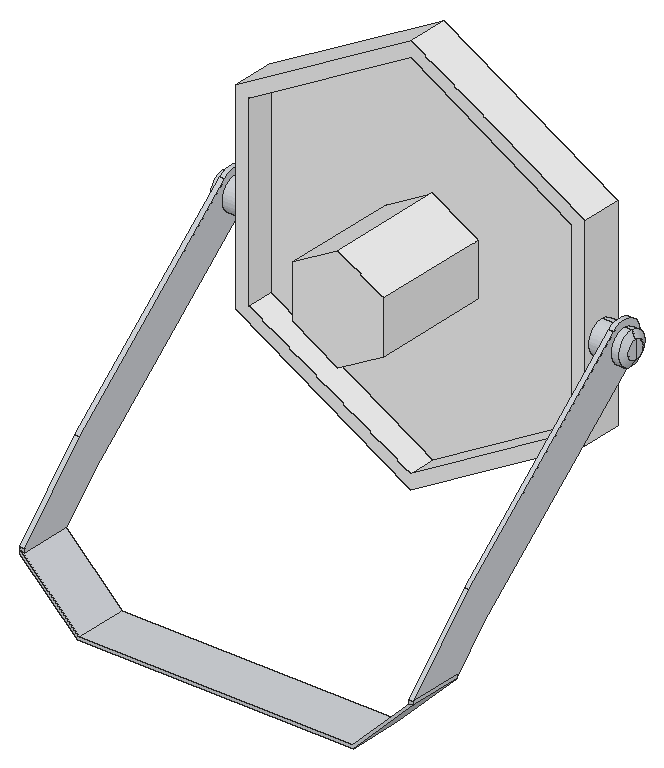
Revit family "Lighting-Floodlights-GEWISS-ESALITE-FL-LED_12K_DALI", category Apparecchi per illuminazione, host Superficie, Revit 2019 (continued)
Automatic sketch dimensions
  curve 168 to curve 167 = 0.508 mm
  curve 170 to curve 169 = 0.999 mm
  curve 144 to curve 200 = 30.379 mm
  curve 195 to curve 196 = 65.099 mm
  curve 196 to curve 199 = 0.003 mm
  curve 196 to curve 182 = 3 mm
  curve 182 to curve 181 = 7.57 mm
  curve 177 to curve 177 = 7.721 mm
  curve 180 to curve 180 = 4.216 mm
  curve 185 to curve 194 = 3 mm
  curve 193 to curve 185 = 63.856 mm
  curve 195 to curve 182 = 63.856 mm
  curve 182 to curve 196 = 1.243 mm
  curve 186 to curve 192 = 1.243 mm
  curve 193 to curve 165 = 97.51 mm
  curve 165 to curve 166 = 0.865 mm
  curve 166 to curve 155 = 15.224 mm
  curve 155 to curve 154 = 2.157 mm
  curve 154 to curve 129 = 19.464 mm
  curve 137 to curve 128 = 6.488 mm
  curve 192 to curve 165 = 140.299 mm
  curve 196 to curve 167 = 140.299 mm
  curve 168 to curve 155 = 6.528 mm
  curve 164 to curve 153 = 6.528 mm
  curve 129 to curve 152 = 1.298 mm
  curve 137 to curve 156 = 1.298 mm
  curve 136 to curve 134 = 76.412 mm
  curve 126 to curve 134 = 0 mm
  curve 129 to curve 130 = 6.488 mm
  curve 137 to curve 138 = 6.488 mm
  curve 139 to curve 147 = 2.595 mm
  curve 130 to curve 123 = 2.595 mm
  curve 146 to curve 140 = 31.27 mm
  curve 130 to curve 132 = 40.369 mm
  curve 140 to curve 133 = 4.325 mm
  curve 132 to curve 131 = 4.325 mm
  curve 132 to curve 123 = 2.605 mm
  curve 140 to curve 147 = 2.605 mm
  curve 122 to curve 174 = 43.221 mm
  curve 146 to curve 177 = 43.221 mm
  curve 190 to curve 173 = 0 mm
  curve 197 to curve 177 = 0 mm
  curve 177 to curve 178 = 7.042 mm
  curve 190 to curve 190 = 7.042 mm
  curve 178 to curve 179 = 21.364 mm
  curve 189 to curve 189 = 21.364 mm
  curve 173 to curve 176 = 35.46 mm
  curve 179 to curve 198 = 7.053 mm
  curve 174 to curve 186 = 0.25 mm
  curve 198 to curve 182 = 0.25 mm
  curve 148 to curve 142 = 84.774 mm
  curve 117 to curve 117 = 84.774 mm
  curve 118 to curve 111 = 2.605 mm
  curve 142 to curve 103 = 2.605 mm
  curve 101 to curve 102 = 4.325 mm
  curve 109 to curve 110 = 4.325 mm
  curve 142 to curve 145 = 36.043 mm
  curve 118 to curve 121 = 36.043 mm
  curve 143 to curve 103 = 2.626 mm
  curve 119 to curve 111 = 2.626 mm
  curve 109 to curve 109 = 42.377 mm
  curve 101 to curve 115 = 4.335 mm
  curve 103 to curve 104 = 6.472 mm
  curve 112 to curve 112 = 6.472 mm
  curve 144 to curve 158 = 20.761 mm
  curve 120 to curve 151 = 20.761 mm
  curve 150 to curve 162 = 6.528 mm
  curve 158 to curve 170 = 6.528 mm
  curve 108 to curve 106 = 76.412 mm
  curve 115 to curve 106 = 0 mm
  curve 106 to curve 160 = 19.464 mm
  curve 160 to curve 149 = 2.157 mm
  curve 149 to curve 172 = 15.224 mm
  curve 172 to curve 171 = 0.865 mm
  curve 174 to curve 192 = 0.25 mm
  curve 198 to curve 196 = 0.25 mm
Nested families
  nested 1: "etichetta Potenza Lampada" at (0, 0, 0), visible <- "VISIBILITA' ETICHETTA", type "etichetta Potenza Lampada"
  nested 2: "ESALITE FL 12K PROIETTORE_BASE" at (0, 5, 297.451) x (0, 0, 1) z (0, 1, 0), type "ESALITE FL 12K PROIETTORE_BASE"
  nested 3: "SIMB_2D" at (0, 113.133, 0), visible <- "VISIBILITA' SIMBOLO", type "SIMB_2D"
  nested 4: "SIMB_2D" at (0, 0, 285.229) x (1, 0, 0) z (0, -1, 0), visible <- "VISIBILITA' SIMBOLO", type "SIMB_2D"
  nested 5: "SIMB_2D" at (0, 0, 285.229) x (0, 1, 0) z (1, 0, 0), visible <- "VISIBILITA' SIMBOLO", type "SIMB_2D"
  nested 6: "Laterale - FL" at (0, 159.69, 0) x (0, 1, 0) z (1, 0, 0), visible <- "VISIBILITA' LAMPADA PIANTA-LATERALE", type "Laterale - FL"
  nested 7: "Dal basso - FL" at (2.654, 48.046, 0), visible <- "VISIBILITA' LAMPADA PIANTA-LATERALE", type "Dal basso - FL"
Connectors
  electrical at (-0.185, 60, 297.509), driven by "Numero poli", driven by "V"
    settings: on nested 2, index 1, voltage 0 V, apparent load 0 VA, apparent load phase1 0 VA, apparent load phase2 0 VA, apparent load phase3 0 VA, power factor 1, load classification "Illuminazione", number of poles 1, system type 31, power factor state 1, is connector primary yes, connector utility no, sub classification motor no, connector description ""
Definition of nested family "ESALITE FL 12K PROIETTORE_BASE"
  Parameters (values of type "ESALITE FL 12K PROIETTORE_BASE")
    Schermatura interna = none
    Default Elevation = 1219.2 mm
    LED = none
    Corpo luce = none
  Reference planes
    plane 1 "Centro (Fronte/Retro)": y = 0
    plane 2: z = 0
    plane 3 "Centro (Sinistra/Destra)": x = 0
    plane 4: x = -145.163
    plane 5: x = 145.28
    plane 6: y = 126.226
    plane 7: y = -125.856
    plane 8: y = 55.469
    plane 9: y = -55.099
    plane 10: x = -63.671
    plane 11: x = 63.788
    plane 12: y = -123.856
    plane 13: y = 124.226
    plane 14: y = -112.535
    plane 15: y = 112.905
    plane 16: y = -22
    plane 17: y = 22
    plane 18: y = -108.017
    plane 19: y = 108.387
    plane 20: through (-28.293, 49.29, 1200) normal (0.866, -0.5, 0)
    plane 21: y = 49.29
    plane 22: through (28.409, 49.29, 1200) normal (0.866, 0.5, 0)
    plane 23: through (28.409, -48.92, 1200) normal (-0.866, 0.5, 0)
    plane 24: y = -48.92
    plane 25: through (-56.644, 0.185, 1200) normal (0.866, 0.5, 0)
    plane 26: through (-31.86, 55.469, 1200) normal (0.866, -0.5, 0)
    plane 27: through (-63.778, 0.185, 1200) normal (0.866, 0.5, 0)
    plane 28: y = -55.099
    plane 29: through (63.894, 0.185, 1200) normal (0.866, -0.5, 0)
    plane 30: through (63.894, 0.185, 1200) normal (-0.866, -0.5, 0)
    plane 31: y = 55.469
    plane 32: z = 123.439
    plane 33: through (-65.51, 1.185, 1200) normal (-0.866, 0.5, 0)
    plane 34: through (-33.592, -56.099, 1200) normal (-0.866, -0.5, 0)
    plane 35: through (-65.51, 1.185, 1200) normal (-0.866, 0.5, 0)
    plane 36: y = 57.469
    plane 37: through (33.708, 56.469, 1200) normal (0.866, 0.5, 0)
    plane 38: through (65.626, -0.815, 1200) normal (0.866, -0.5, 0)
    plane 39: y = -57.099
    plane 40: y = -1
    plane 41: y = 1
    plane 42: x = -1
    plane 43: x = 0
    plane 44: y = 105.387
    plane 45: y = -105.017
    plane 46: z = 130
    plane 47: y = -103.017
    plane 48: y = 103.387
    plane 49: x = 1
    plane 50: through (-108.857, 187.546, 1200) normal (0.866, -0.5, 0)
    plane 51: y = 188.046
    plane 52: y = 174.478
    plane 53: through (-101.456, 173.228, 1200) normal (0.866, -0.5, 0)
    plane 54: through (-216.848, -0.5, 1200) normal (0.866, 0.5, 0)
    plane 55: through (-200.748, -1.25, 1200) normal (0.866, 0.5, 0)
    plane 56: y = -188.046
    plane 57: y = -174.478
    plane 58: y = 188.046
    plane 59: y = 174.478
    plane 60: through (200.748, 1.25, 1200) normal (-0.866, -0.5, 0)
    plane 61: through (216.848, 0.5, 1200) normal (-0.866, -0.5, 0)
    plane 62: through (108.857, -187.546, 1200) normal (-0.866, 0.5, 0)
    plane 63: through (101.456, -173.228, 1200) normal (-0.866, 0.5, 0)
    plane 64: z = 89
    plane 65: z = 134
    plane 66: z = 108.133
    plane 67: z = 123.439
    plane 68: z = 117.439
    plane 69: z = 128.439
    plane 70: z = 27.205
    plane 71: z = 152.205
    plane 72: z = 197.205
    plane 73: z = 199.205
    plane 74: z = 192.205
    plane 75: z = 182.205
    plane 76: z = 187.205
    plane 77: z = 184.113
  Forms (mm)
    Extrusion 1, solid, material <- "Corpo luce"
      sketch origin (0, 0, 0) x (1, 0, 0) y (0, 1, 0)
        loop
          line (-28.293, 49.29) -> (-56.644, 0.185) -> (-28.293, -48.92) -> (28.409, -48.92) -> (56.76, 0.185) -> (28.409, 49.29) -> (-28.293, 49.29)
      from 199.205 to 55
    Extrusion 2, solid, material <- "Corpo luce"
      sketch origin (0, 0, 0) x (1, 0, 0) y (0, 1, 0)
        loop
          line (108.568, -188.046) -> (217.137, 0) -> (108.568, 188.046) -> (-108.568, 188.046) -> (-217.137, 0) -> (-108.568, -188.046) -> (108.568, -188.046)
        loop
          line (100.735, -174.478) -> (201.47, 0) -> (100.735, 174.478) -> (-100.735, 174.478) -> (-201.47, 0) -> (-100.735, -174.478) -> (100.735, -174.478)
      from 152.205 to 197.205
    Extrusion 3, solid, material <- "Corpo luce"
      sketch origin (0, 0, 0) x (1, 0, 0) y (0, 1, 0)
        loop
          line (-201.47, 0) -> (-100.735, -174.478) -> (100.735, -174.478) -> (201.47, 0) -> (100.735, 174.478) -> (-100.735, 174.478) -> (-201.47, 0)
        loop
          line (-28.293, 49.29) -> (-56.644, 0.185) -> (-28.293, -48.92) -> (28.409, -48.92) -> (56.76, 0.185) -> (28.409, 49.29) -> (-28.293, 49.29)
      from 182.205 to 192.205
    Extrusion 4, void
      sketch origin (0, 0, 0) x (1, 0, 0) y (0, 1, 0)
        loop
          line (-100.597, 148.72) -> (-179.094, 12.76)
          arc (-179.094, 12.76) -> (-179.103, 5.255) -> (-172.606, 1.5) r 7.499
          line (-172.606, 1.5) -> (-96.117, 1.5)
          arc (-96.117, 1.5) -> (-93.617, 2.17) -> (-91.787, 4) r 4.999
          line (-91.787, 4) -> (-49.357, 77.49)
          arc (-49.357, 77.49) -> (-48.687, 79.99) -> (-49.357, 82.49) r 4.999
          line (-49.357, 82.49) -> (-87.608, 148.742)
          arc (-87.608, 148.742) -> (-94.109, 152.481) -> (-100.597, 148.72) r 7.499
        loop
          line (78.51, 161.48) -> (-78.51, 161.48)
          arc (-78.51, 161.48) -> (-85.001, 157.736) -> (-85.01, 150.242) r 7.499
          line (-85.01, 150.242) -> (-46.759, 83.99)
          arc (-46.759, 83.99) -> (-44.93, 82.16) -> (-42.43, 81.49) r 4.999
          line (-42.43, 81.49) -> (42.43, 81.49)
          arc (42.43, 81.49) -> (44.93, 82.16) -> (46.759, 83.99) r 4.999
          line (46.759, 83.99) -> (84.998, 150.22)
          arc (84.998, 150.22) -> (85.007, 157.725) -> (78.51, 161.48) r 7.499
        loop
          arc (49.357, 82.49) -> (48.687, 79.99) -> (49.357, 77.49) r 4.999
          line (49.357, 77.49) -> (91.787, 4)
          arc (91.787, 4) -> (93.617, 2.17) -> (96.117, 1.5) r 4.999
          line (96.117, 1.5) -> (172.606, 1.5)
          arc (172.606, 1.5) -> (179.103, 5.255) -> (179.094, 12.76) r 7.499
          line (179.094, 12.76) -> (100.597, 148.72)
          arc (100.597, 148.72) -> (94.109, 152.481) -> (87.608, 148.742) r 7.499
          line (87.608, 148.742) -> (49.357, 82.49)
        loop
          line (49.357, -82.489) -> (87.608, -148.742)
          arc (87.608, -148.742) -> (94.109, -152.48) -> (100.597, -148.72) r 7.499
          line (100.597, -148.72) -> (179.094, -12.759)
          arc (179.094, -12.759) -> (179.103, -5.255) -> (172.606, -1.5) r 7.499
          line (172.606, -1.5) -> (96.117, -1.5)
          arc (96.117, -1.5) -> (93.617, -2.169) -> (91.787, -3.999) r 4.999
          line (91.787, -3.999) -> (49.357, -77.49)
          arc (49.357, -77.49) -> (48.687, -79.99) -> (49.357, -82.489) r 4.999
        loop
          arc (-42.43, -81.489) -> (-44.93, -82.159) -> (-46.759, -83.989) r 4.999
          line (-46.759, -83.989) -> (-85.01, -150.242)
          arc (-85.01, -150.242) -> (-85.001, -157.735) -> (-78.51, -161.479) r 7.499
          line (-78.51, -161.479) -> (78.51, -161.479)
          arc (78.51, -161.479) -> (85.007, -157.724) -> (84.998, -150.22) r 7.499
          line (84.998, -150.22) -> (46.759, -83.989)
          arc (46.759, -83.989) -> (44.93, -82.159) -> (42.43, -81.489) r 4.999
          line (42.43, -81.489) -> (-42.43, -81.489)
        loop
          arc (-91.787, -3.999) -> (-93.617, -2.169) -> (-96.117, -1.5) r 4.999
          line (-96.117, -1.5) -> (-172.606, -1.5)
          arc (-172.606, -1.5) -> (-179.097, -5.244) -> (-179.107, -12.737) r 7.499
          line (-179.107, -12.737) -> (-100.584, -148.742)
          arc (-100.584, -148.742) -> (-94.096, -152.48) -> (-87.608, -148.742) r 7.499
          line (-87.608, -148.742) -> (-49.357, -82.489)
          arc (-49.357, -82.489) -> (-48.687, -79.99) -> (-49.357, -77.49) r 4.999
          line (-49.357, -77.49) -> (-91.787, -3.999)
      from 187.205 to 192.205
  Cuts and joins
    Extrusion 4 cuts Extrusion 3
  Lines and regions (mm)
    symbolic lines
      curve 1: line (0, 188.046, 0) -> (0, 193.046, 0)
  Dimensions and locks
    locked: plane 6 to plane 13 at 2
    locked: plane 7 to plane 12 at 2
    locked: plane 15 to plane 13 at 11.321
    locked: plane 12 to plane 14 at 11.321
    plane 4 to plane 5 = 290.443 mm
    plane 7 to plane 6 = 252.082 mm
    Extrusion 1 to plane 70 = 172 mm
    plane 72 to plane 71 = 45 mm
    locked: plane 72 to plane 74 at 5
    locked: plane 74 to plane 75 at 10
    locked: plane 74 to plane 76 at 5
    locked: plane 76 to plane 77 at 3.092
    aligned and locked: level to plane 2
    aligned and locked: Extrusion 1 to plane 73
    aligned and locked: Extrusion 2 to plane 72
    aligned and locked: plane 71 to Extrusion 2
    aligned and locked: Extrusion 3 to plane 74
    aligned and locked: Extrusion 3 to plane 75
    aligned and locked: Extrusion 3 to Extrusion 4
    aligned and locked: plane 76 to Extrusion 4
Definition of nested family "etichetta Potenza Lampada"
  Parameters (values of type "etichetta Potenza Lampada")
    potenza lampada = "Wxxx"
  Reference planes
    plane 1: y = 0
    plane 2: x = 0
  Text (mm)
    label "QE" at (0.073, -0.194, 0), shows "potenza lampada"
Definition of nested family "SIMB_2D"
  Reference planes
    plane 1 "Centro (Fronte/Retro)": y = 0
    plane 2: z = 0
    plane 3 "Centro (Sinistra/Destra)": x = 0
  Lines and regions (mm)
    detail lines, in view "Livello rif."
      curve 1: arc (111.745, -162.105, 0) -> (147.531, -0.161, 0) -> (111.745, 161.783, 0) r 384.317
      curve 2: arc (-22.999, -120.963, 0) -> (41.867, -149.74, 0) -> (111.745, -162.105, 0) r 293.432
      curve 3: arc (-22.999, 120.641, 0) -> (-85.303, -0.161, 0) -> (-22.999, -120.963, 0) r 148.264
      curve 4: arc (111.745, 161.783, 0) -> (41.867, 149.419, 0) -> (-22.999, 120.641, 0) r 293.432
      curve 5: line (111.745, 161.783, 0) -> (111.745, -162.105, 0)
      curve 6: line (64.515, -43.176, 0) -> (-21.885, -0.161, 0)
      curve 7: line (-21.885, -0.161, 0) -> (64.515, 43.371, 0)
      curve 8: line (64.515, 43.371, 0) -> (64.515, -43.176, 0)
      curve 9: line (-21.885, 43.113, 0) -> (-21.885, -43.434, 0)
      curve 10: line (-21.885, -0.161, 0) -> (-72.406, -0.161, 0)
      curve 11: line (64.515, 0.098, 0) -> (101.821, 0.098, 0)
Definition of nested family "Laterale - FL"
  Reference planes
    plane 1 "Centro (Fronte/Retro)": y = 0
    plane 2: z = 0
    plane 3 "Centro (Sinistra/Destra)": x = 0
  Lines and regions (mm)
    detail lines, in view "Livello rif."
      curve 1: line (0.016, 320.386, 0) -> (0.011, 320.108, 0)
      curve 2: line (0.011, 320.108, 0) -> (-0.01, 319.138, 0)
      curve 3: line (0.016, 314.614, 0) -> (0.007, 315.022, 0)
      curve 4: line (0.007, 315.022, 0) -> (-0.01, 315.862, 0)
      curve 5: line (0.016, 285.386, 0) -> (0.011, 285.108, 0)
      curve 6: line (0.011, 285.108, 0) -> (-0.01, 284.138, 0)
      curve 7: line (0.016, 279.614, 0) -> (0.007, 280.022, 0)
      curve 8: line (0.007, 280.022, 0) -> (-0.01, 280.862, 0)
      curve 9: arc (-54.721, 140.59, 0) -> (-44.576, 121.52, 0) -> (-25.995, 110.505, 0) r 40.003
      curve 10: arc (-25.995, 524.495, 0) -> (-44.091, 513.98, 0) -> (-54.4, 495.767, 0) r 40.003
      curve 11: arc (-72.395, 225.468, 0) -> (-71.52, 219.705, 0) -> (-70.587, 213.95, 0) r 586.117
      curve 12: line (-72.395, 225.468, 0) -> (-74.025, 236.714, 0)
      curve 13: line (-74.025, 236.714, 0) -> (-74.727, 241.723, 0)
      curve 14: line (-74.727, 241.723, 0) -> (-75.377, 246.487, 0)
      curve 15: arc (-78.843, 299.915, 0) -> (-78.367, 299.874, 0) -> (-77.89, 299.836, 0) r 63.148
      curve 16: arc (-78.011, 317.203, 0) -> (-77.98, 308.519, 0) -> (-77.89, 299.836, 0) r 1258.533
      curve 17: arc (-77.89, 335.164, 0) -> (-78.367, 335.127, 0) -> (-78.843, 335.085, 0) r 63.103
      curve 18: arc (-77.89, 335.164, 0) -> (-77.983, 326.184, 0) -> (-78.011, 317.203, 0) r 1258.593
      curve 19: line (-0.01, 315.862, 0) -> (-0.01, 319.138, 0)
      curve 20: line (-0.01, 280.862, 0) -> (-0.01, 284.138, 0)
      curve 21: arc (42.516, 533.509, 0) -> (42.216, 534.224, 0) -> (41.496, 534.509, 0) r 1
      curve 22: arc (41.496, 100.491, 0) -> (42.216, 100.776, 0) -> (42.516, 101.491, 0) r 1
      curve 23: arc (42.561, 105.084, 0) -> (42.528, 104.961, 0) -> (42.516, 104.835, 0) r 0.75
      curve 24: line (-56.798, 486.822, 0) -> (-56.495, 487.914, 0)
      curve 25: line (-56.495, 487.914, 0) -> (-55.081, 493.153, 0)
      curve 26: line (-55.081, 493.153, 0) -> (-54.401, 495.766, 0)
      curve 27: line (-75.947, 384.278, 0) -> (-56.798, 486.822, 0)
      curve 28: arc (-85.682, 307.713, 0) -> (-85.842, 307.724, 0) -> (-86.002, 307.731, 0) r 8.04
      curve 29: arc (-78.843, 299.915, 0) -> (-81.143, 305.37, 0) -> (-86.563, 307.75, 0) r 8
      curve 30: arc (-86.545, 327.25, 0) -> (-81.137, 329.637, 0) -> (-78.843, 335.085, 0) r 8
      curve 31: line (-72.389, 225.421, 0) -> (-73.876, 235.662, 0)
      curve 32: line (-73.876, 235.662, 0) -> (-74.635, 241.063, 0)
      curve 33: line (-74.635, 241.063, 0) -> (-75.92, 250.569, 0)
      curve 34: arc (0.803, 293.141, 0) -> (-11.144, 318.794, 0) -> (-36.785, 306.822, 0) r 20
      curve 35: circle (-17.984, 300, 0) r 10.7 normal (0, 0, 1)
      curve 36: line (42.516, 530.039, 0) -> (45.016, 523.307, 0)
      curve 37: line (45.016, 523.307, 0) -> (45.016, 521.067, 0)
      curve 38: line (45.016, 521.067, 0) -> (45.016, 111.693, 0)
      curve 39: line (45.016, 111.693, 0) -> (42.561, 105.084, 0)
      curve 40: line (0.016, 320.386, 0) -> (0.016, 533.673, 0)
      curve 41: line (0.016, 533.673, 0) -> (41.496, 534.509, 0)
      curve 42: line (0.016, 308.718, 0) -> (0.016, 314.614, 0)
      curve 43: line (0.016, 285.386, 0) -> (0.016, 290.979, 0)
      curve 44: line (41.496, 100.491, 0) -> (0, 101.327, 0)
      curve 45: line (0, 101.327, 0) -> (0, 279.614, 0)
      curve 46: line (42.516, 533.509, 0) -> (42.516, 425.505, 0)
      curve 47: line (42.516, 425.505, 0) -> (42.516, 209.495, 0)
      curve 48: line (42.516, 209.495, 0) -> (42.516, 101.491, 0)
      curve 49: line (0, 103.539, 0) -> (-25.995, 110.505, 0)
      curve 50: line (0.016, 531.465, 0) -> (-25.995, 524.495, 0)
      curve 51: line (-86.545, 327.25, 0) -> (-92.504, 327.042, 0)
      curve 52: line (-92.504, 327.042, 0) -> (-93.185, 327.018, 0)
      curve 53: line (-93.185, 327.018, 0) -> (-93.185, 325, 0)
      curve 54: line (-93.185, 325, 0) -> (-126.857, 325, 0)
      curve 55: line (-126.857, 325, 0) -> (-150.984, 325, 0)
      curve 56: line (-150.984, 325, 0) -> (-150.984, 310, 0)
      curve 57: line (-150.984, 310, 0) -> (-126.857, 310, 0)
      curve 58: line (-126.857, 310, 0) -> (-93.185, 310, 0)
      curve 59: line (-93.185, 310, 0) -> (-93.185, 307.982, 0)
      curve 60: line (-93.185, 307.982, 0) -> (-92.504, 307.958, 0)
      curve 61: line (-92.504, 307.958, 0) -> (-86.821, 307.759, 0)
      curve 62: line (-86.821, 307.759, 0) -> (-86.002, 307.731, 0)
      curve 63: line (0.803, 293.141, 0) -> (-80.075, 70.932, 0)
      curve 64: line (-80.075, 70.932, 0) -> (-105.397, 1.359, 0)
      curve 65: line (-105.397, 1.359, 0) -> (-105.892, 0, 0)
      curve 66: line (-105.892, 0, 0) -> (-148.459, 0, 0)
      curve 67: line (-148.459, 0, 0) -> (-147.964, 1.359, 0)
      curve 68: line (-147.964, 1.359, 0) -> (-129.197, 52.923, 0)
      curve 69: line (-129.197, 52.923, 0) -> (-36.785, 306.822, 0)
      curve 70: line (-14.984, 298.268, 0) -> (-17.984, 296.536, 0)
      curve 71: line (-17.984, 296.536, 0) -> (-20.984, 298.268, 0)
      curve 72: line (-20.984, 298.268, 0) -> (-20.984, 301.732, 0)
      curve 73: line (-20.984, 301.732, 0) -> (-17.984, 303.464, 0)
      curve 74: line (-17.984, 303.464, 0) -> (-14.984, 301.732, 0)
      curve 75: line (-14.984, 301.732, 0) -> (-14.984, 298.268, 0)
      curve 76: circle (-17.984, 300, 0) r 18 normal (0, 0, 1)
      curve 77: line (-77.89, 299.836, 0) -> (-75.92, 250.569, 0)
      curve 78: line (-77.89, 335.682, 0) -> (-75.947, 384.278, 0)
Definition of nested family "Dal basso - FL"
  Reference planes
    plane 1 "Centro (Fronte/Retro)": y = 0
    plane 2: z = 0
    plane 3 "Centro (Sinistra/Destra)": x = 0
  Lines and regions (mm)
    detail lines, in view "Livello rif."
      curve 1: arc (-0.027, 61.897, 0) -> (13.195, 62.033, 0) -> (26.411, 62.456, 0) r 608.279
      curve 2: arc (-26.412, 62.456, 0) -> (-13.222, 62.033, 0) -> (-0.027, 61.897, 0) r 608.273
      curve 3: arc (-187.362, 149.403, 0) -> (-187.357, 149.32, 0) -> (-187.345, 149.239, 0) r 0.974
      curve 4: arc (-26.422, 62.752, 0) -> (-26.601, 64.172, 0) -> (-27.031, 65.537, 0) r 8
      curve 5: arc (-5.142, 55.946, 0) -> (0, 55.274, 0) -> (5.142, 55.946, 0) r 20
      curve 6: arc (-1.069, 0, 0) -> (0, -0.025, 0) -> (1.069, 0, 0) r 22.5
      curve 7: arc (-209, 146.475, 0) -> (-208.707, 145.768, 0) -> (-208, 145.475, 0) r 1
      curve 8: line (211.762, 67.69, 0) -> (211.961, 67.773, 0)
      curve 9: line (211.961, 67.773, 0) -> (212.133, 67.868, 0)
      curve 10: line (212.133, 67.868, 0) -> (212.263, 67.962, 0)
      curve 11: line (213.656, 17.527, 0) -> (213.977, 17.655, 0)
      curve 12: line (213.977, 17.655, 0) -> (214.273, 17.794, 0)
      curve 13: line (214.273, 17.794, 0) -> (214.527, 17.936, 0)
      curve 14: line (214.527, 17.936, 0) -> (214.754, 18.087, 0)
      curve 15: line (214.754, 18.087, 0) -> (214.942, 18.235, 0)
      curve 16: line (214.942, 18.235, 0) -> (215.104, 18.39, 0)
      curve 17: line (215.104, 18.39, 0) -> (215.232, 18.539, 0)
      curve 18: line (215.232, 18.539, 0) -> (215.335, 18.692, 0)
      curve 19: line (215.335, 18.692, 0) -> (215.41, 18.839, 0)
      curve 20: line (215.462, 18.987, 0) -> (215.5, 19.262, 0)
      curve 21: line (-26.383, 61.637, 0) -> (-26.411, 62.456, 0)
      curve 22: line (-26.411, 62.456, 0) -> (-26.423, 62.777, 0)
      curve 23: line (5.142, 55.946, 0) -> (26.383, 61.637, 0)
      curve 24: line (-5.142, 55.946, 0) -> (-26.383, 61.637, 0)
      curve 25: line (-26.383, 61.637, 0) -> (-25.755, 43.659, 0)
      curve 26: line (-209, 146.475, 0) -> (-209, 148.092, 0)
      curve 27: line (-209, 148.092, 0) -> (-209, 148.344, 0)
      curve 28: line (-209, 148.344, 0) -> (-209, 152.975, 0)
      curve 29: line (-209, 152.975, 0) -> (-212, 152.975, 0)
      curve 30: line (-212, 152.975, 0) -> (-212, 148.827, 0)
      curve 31: line (-212, 148.827, 0) -> (-212.5, 148.827, 0)
      curve 32: line (-208, 145.475, 0) -> (-207, 145.475, 0)
      curve 33: line (-207, 145.475, 0) -> (-205, 145.475, 0)
      curve 34: line (-205, 145.475, 0) -> (-190, 145.475, 0)
      curve 35: line (-190, 145.475, 0) -> (-190, 118.475, 0)
      curve 36: line (-190, 118.475, 0) -> (-190, 117.964, 0)
      curve 37: line (-190, 117.964, 0) -> (-181.155, 117.964, 0)
      curve 38: line (-178.632, 113.327, 0) -> (-205, 113.327, 0)
      curve 39: line (-205, 113.327, 0) -> (-207, 113.327, 0)
      curve 40: line (-207, 113.327, 0) -> (-212, 113.327, 0)
      curve 41: line (-212, 113.327, 0) -> (-212.5, 113.327, 0)
      curve 42: line (-223.085, 112.475, 0) -> (-215.5, 112.475, 0)
      curve 43: line (-215.5, 112.475, 0) -> (-223.085, 112.475, 0)
      curve 44: line (-223.085, 112.475, 0) -> (-227.3, 119.777, 0)
      curve 45: line (-227.3, 119.777, 0) -> (-227.3, 141.175, 0)
      curve 46: line (-227.3, 141.175, 0) -> (-223.085, 148.475, 0)
      curve 47: line (-223.085, 148.475, 0) -> (-215.5, 148.475, 0)
      curve 48: line (-226.483, 142.587, 0) -> (-224.9, 145.33, 0)
      curve 49: line (-225.006, 145.132, 0) -> (-226.342, 142.813, 0)
      curve 50: line (-145.737, 43.659, 0) -> (145.737, 43.659, 0)
      curve 51: line (212.5, 67.959, 0) -> (145.737, 43.659, 0)
      curve 52: line (-165.5, 0, 0) -> (165.5, 0, 0)
      curve 53: line (215.5, 18.198, 0) -> (165.5, 0, 0)
      curve 54: line (215.5, 18.198, 0) -> (215.5, 68.384, 0)
      curve 55: line (215.5, 68.384, 0) -> (215.5, 150.475, 0)
      curve 56: line (212.5, 149.268, 0) -> (212.5, 67.959, 0)
      curve 57: line (-212.5, 67.959, 0) -> (-145.737, 43.659, 0)
      curve 58: line (-212.5, 67.959, 0) -> (-212.5, 150.475, 0)
      curve 59: line (-212.5, 150.475, 0) -> (-215.5, 150.475, 0)
      curve 60: line (-215.5, 150.475, 0) -> (-215.5, 68.384, 0)
      curve 61: line (-215.5, 68.384, 0) -> (-215.5, 18.198, 0)
      curve 62: line (-215.5, 18.198, 0) -> (-165.5, 0, 0)
      curve 63: line (-188.394, 189.81, 0) -> (188.394, 189.81, 0)
      curve 64: line (188.394, 189.81, 0) -> (188.394, 148.56, 0)
      curve 65: line (-188.394, 189.81, 0) -> (-188.394, 148.852, 0)
      curve 66: line (-80.012, 72.329, 0) -> (-157.75, 91.219, 0)
      curve 67: arc (-157.75, 91.219, 0) -> (-180.257, 116.215, 0) -> (-188.394, 148.852, 0) r 69.518
      curve 68: line (-80.012, 72.329, 0) -> (-27.031, 65.537, 0)
      curve 69: line (-188.393, 148.516, 0) -> (188.394, 148.516, 0)
      curve 70: line (80.012, 72.329, 0) -> (157.75, 91.219, 0)
      curve 71: arc (157.75, 91.219, 0) -> (180.257, 116.215, 0) -> (188.394, 148.852, 0) r 69.518
      curve 72: arc (209, 146.475, 0) -> (208.707, 145.768, 0) -> (208, 145.475, 0) r 1
      curve 73: line (209, 146.475, 0) -> (209, 148.092, 0)
      curve 74: line (209, 148.092, 0) -> (209, 148.344, 0)
      curve 75: line (209, 148.344, 0) -> (209, 152.975, 0)
      curve 76: line (209, 152.975, 0) -> (212, 152.975, 0)
      curve 77: line (212, 152.975, 0) -> (212, 148.827, 0)
      curve 78: line (212, 148.827, 0) -> (212.5, 148.827, 0)
      curve 79: line (208, 145.475, 0) -> (207, 145.475, 0)
      curve 80: line (207, 145.475, 0) -> (205, 145.475, 0)
      curve 81: line (205, 145.475, 0) -> (190, 145.475, 0)
      curve 82: line (190, 145.475, 0) -> (190, 118.475, 0)
      curve 83: line (190, 118.475, 0) -> (190, 117.964, 0)
      curve 84: line (190, 117.964, 0) -> (181.155, 117.964, 0)
      curve 85: line (178.632, 113.327, 0) -> (205, 113.327, 0)
      curve 86: line (205, 113.327, 0) -> (207, 113.327, 0)
      curve 87: line (207, 113.327, 0) -> (212, 113.327, 0)
      curve 88: line (212, 113.327, 0) -> (212.5, 113.327, 0)
      curve 89: line (223.085, 112.475, 0) -> (215.5, 112.475, 0)
      curve 90: line (215.5, 112.475, 0) -> (223.085, 112.475, 0)
      curve 91: line (223.085, 112.475, 0) -> (227.3, 119.777, 0)
      curve 92: line (227.3, 119.777, 0) -> (227.3, 141.175, 0)
      curve 93: line (227.3, 141.175, 0) -> (223.085, 148.475, 0)
      curve 94: line (223.085, 148.475, 0) -> (215.5, 148.475, 0)
      curve 95: line (226.483, 142.587, 0) -> (224.9, 145.33, 0)
      curve 96: line (225.006, 145.132, 0) -> (226.342, 142.813, 0)
      curve 97: line (212.5, 149.268, 0) -> (212.5, 150.475, 0)
      curve 98: line (212.5, 150.475, 0) -> (215.5, 150.475, 0)
      curve 99: line (80.012, 72.329, 0) -> (27.031, 65.537, 0)
      curve 100: arc (26.422, 62.752, 0) -> (26.601, 64.172, 0) -> (27.031, 65.537, 0) r 8
      curve 101: line (26.383, 61.637, 0) -> (26.411, 62.456, 0)
      curve 102: line (26.411, 62.456, 0) -> (26.423, 62.777, 0)
      curve 103: line (26.383, 61.637, 0) -> (25.755, 43.659, 0)
Types (12, lengths in mm): name | Versions | Technical sheet | Optic | Nominal flux (lm) | built-in parameter 1150142 | Modello | Lumen output (lm) | IDT | File diagramma fotometrico | Descrizione | Colour temperature:
  GWS6422GD - ESALITE 12K 30° 4000K PRO+V GR.DALI | "4000K natural light" | "https://www.gewiss.com/ww/en/search?q=GWS6422GD" | "30°" | "15000" | "IESNA:LM-63-2002\r\n[TEST] GWS6422GD\r\n[TESTLAB] GEWISS\r\n[TESTDATE] 31 Aug 2018\r\n[ISSUEDATE] 31 Aug 2018\r\n[MANUFAC] GEWISS\r\n[LUMCAT] GWS6422GD\r\n[LUMINAIRE] ESALITE FL 12K+GLAS 30° GR. DALI LED840\r\n[FLASHAREA] 0.030706\r\n[LAMPCAT] LED 112W/4000K - 11600lm\r\n[LAMP] LED 112W/4000K - 11600lm\r\nTILT=NONE\r\n1 11600.00 1.0 34 19 1 2 -0.402 -0.402 0.000\r\n1.00 1.00 112.00\r\n0.00 1.00 2.00 3.00 4.00 5.00 6.00 7.00 8.00 9.00 10.00 \r\n11.00 12.00 13.00 14.00 15.00 17.50 20.00 22.50 25.00 \r\n27.50 30.00 35.00 40.00 45.00 50.00 55.00 60.00 65.00 \r\n70.00 75.00 80.00 85.00 90.00 \r\n0.00 5.00 10.00 15.00 20.00 25.00 30.00 35.00 40.00 45.00 \r\n50.00 55.00 60.00 65.00 70.00 75.00 80.00 85.00 90.00 \r\n21506.40 21339.36 20886.96 20171.24 19348.80 18310.60 \r\n17171.48 15897.80 14619.48 13329.56 12170.72 11217.08 \r\n10560.41 10102.79 9771.49 9502.26 8741.99 7696.83 6539.27 \r\n5624.84 4966.66 4375.06 3196.96 2080.00 868.94 688.97 \r\n689.82 772.75 668.94 536.85 405.00 260.76 98.62 0.33 \r\n21506.40 21327.76 20876.52 20168.92 19341.84 18325.68 \r\n17187.72 15922.16 14651.96 13371.32 12224.08 11278.33 \r\n10628.73 10168.79 9839.58 9573.48 8817.62 7769.91 6607.36 \r\n5677.50 5006.91 4409.97 3220.86 2093.22 871.18 688.38 \r\n688.85 770.91 670.89 537.02 407.33 264.65 99.36 0.33 \r\n21506.40 21333.56 20881.16 20172.40 19338.36 18325.68 \r\n17181.92 15915.20 14638.04 13352.76 12199.72 11258.96 \r\n10606.23 10141.65 9814.06 9546.68 8795.00 7746.13 6594.83 \r\n5658.02 4990.44 4398.37 3217.96 2087.54 871.47 689.92 \r\n689.27 767.42 672.48 535.37 412.50 267.72 100.26 0.35 \r\n21506.40 21333.56 20882.32 20180.52 19341.84 18314.08 \r\n17168.00 15901.28 14618.32 13328.40 12176.52 11243.65 \r\n10586.62 10116.82 9791.10 9522.32 8790.48 7743.00 6597.85 \r\n5646.30 4976.17 4394.66 3223.29 2088.23 873.27 689.50 \r\n688.55 764.71 671.95 534.37 420.24 269.71 98.69 0.36 \r\n21506.40 21334.72 20882.32 20193.28 19361.56 18332.64 \r\n17187.72 15922.16 14643.84 13358.56 12203.20 11263.14 \r\n10599.38 10128.08 9799.45 9532.07 8816.58 7779.54 6627.89 \r\n5662.19 4980.00 4403.48 3234.66 2087.07 872.68 689.53 \r\n688.52 760.48 671.64 536.38 428.28 271.94 96.75 0.38 \r\n21506.40 21333.56 20882.32 20197.92 19358.08 18323.36 \r\n17183.08 15919.84 14638.04 13351.60 12204.36 11263.95 \r\n10602.05 10127.73 9792.02 9526.50 8819.83 7784.64 6627.20 \r\n5654.42 4968.51 4397.79 3246.38 2093.68 875.88 690.25 \r\n688.45 761.90 673.59 538.79 429.57 271.00 95.88 0.41 \r\n21506.40 21334.72 20877.68 20182.84 19363.88 18325.68 \r\n17185.40 15912.88 14628.76 13338.84 12196.24 11245.50 \r\n10584.65 10108.47 9770.56 9499.82 8802.66 7779.08 6623.95 \r\n5646.30 4953.78 4385.73 3248.46 2094.50 875.44 688.69 \r\n686.02 759.99 672.50 537.56 429.59 269.02 93.26 0.42 \r\n21506.40 21334.72 20893.92 20204.88 19383.60 18354.68 \r\n17206.28 15940.72 14662.40 13377.12 12227.56 11271.60 \r\n10614.23 10138.86 9797.94 9524.30 8832.24 7810.74 6648.54 \r\n5661.96 4959.81 4393.15 3260.18 2101.57 876.84 690.33 \r\n687.04 762.24 675.87 538.89 431.14 269.48 94.27 0.44 \r\n21506.40 21327.76 20881.16 20196.76 19369.68 18345.40 \r\n17190.04 15926.80 14650.80 13363.20 12214.80 11253.62 \r\n10593.58 10114.50 9771.26 9497.50 8806.72 7783.72 6627.20 \r\n5641.20 4940.56 4381.55 3257.05 2099.25 878.75 690.57 \r\n686.29 762.96 676.28 536.09 430.62 269.71 94.29 0.46 \r\n21506.40 21321.96 20882.32 20204.88 19372.00 18344.24 \r\n17190.04 15922.16 14646.16 13355.08 12204.36 11243.53 \r\n10585.23 10105.46 9764.42 9488.80 8798.95 7783.14 6635.20 \r\n5647.69 4943.34 4383.87 3258.67 2099.60 878.70 689.47 \r\n685.72 766.92 676.57 533.40 423.74 266.78 96.22 0.48 \r\n21506.40 21333.56 20893.92 20221.12 19388.24 18359.32 \r\n17202.80 15931.44 14654.28 13359.72 12204.36 11240.86 \r\n10579.08 10093.39 9750.96 9472.91 8782.94 7771.07 6627.89 \r\n5637.83 4935.10 4375.17 3252.41 2097.28 878.22 689.28 \r\n685.64 775.26 677.45 535.33 413.69 266.78 98.06 0.51 \r\n21506.40 21339.36 20898.56 20217.64 19395.20 18374.40 \r\n17206.28 15931.44 14651.96 13360.88 12212.48 11254.90 \r\n10590.80 10104.64 9756.30 9473.02 8769.72 7756.11 6617.22 \r\n5633.54 4937.89 4373.55 3251.36 2096.93 881.90 690.18 \r\n686.19 779.24 675.13 536.73 408.35 261.17 96.32 0.53 \r\n21506.40 21339.36 20909.00 20228.08 19403.32 18394.12 \r\n17230.64 15959.28 14685.60 13398.00 12251.92 11298.28 \r\n10629.31 10144.32 9788.89 9498.66 8788.51 7773.62 6634.97 \r\n5660.45 4967.35 4393.73 3255.66 2103.89 886.31 690.79 \r\n686.91 780.99 676.34 538.63 408.76 258.51 95.81 0.55 \r\n21506.40 21333.56 20893.92 20221.12 19388.24 18382.52 \r\n17219.04 15941.88 14663.56 13373.64 12221.76 11269.98 \r\n10598.69 10113.11 9750.61 9459.10 8744.31 7732.68 6603.76 \r\n5648.04 4965.38 4392.92 3250.44 2101.34 884.56 688.58 \r\n684.59 776.53 674.60 535.47 407.81 262.25 96.46 0.57 \r\n21506.40 21345.16 20910.16 20231.56 19403.32 18390.64 \r\n17221.36 15950.00 14674.00 13385.24 12235.68 11292.25 \r\n10624.79 10136.66 9771.38 9470.36 8744.43 7728.96 6600.98 \r\n5650.48 4973.50 4397.33 3253.22 2103.08 885.74 690.13 \r\n685.77 773.31 677.44 534.83 410.51 265.23 95.33 0.58 \r\n21506.40 21340.52 20905.52 20232.72 19405.64 18399.92 \r\n17235.28 15967.40 14693.72 13407.28 12258.88 11332.16 \r\n10664.00 10174.48 9801.07 9494.37 8753.71 7726.18 6599.36 \r\n5659.06 4991.36 4410.55 3260.53 2108.07 888.71 690.83 \r\n686.24 768.93 677.56 534.75 424.75 261.79 92.98 0.61 \r\n21506.40 21346.32 20911.32 20231.56 19416.08 18397.60 \r\n17230.64 15951.16 14669.36 13374.80 12214.80 11292.83 \r\n10624.21 10133.88 9756.06 9446.81 8692.46 7663.54 6556.67 \r\n5635.16 4980.58 4401.04 3251.83 2103.78 888.21 690.88 \r\n685.64 763.40 675.39 533.07 427.58 262.45 89.81 0.62 \r\n21506.40 21346.32 20905.52 20232.72 19398.68 18410.36 \r\n17237.60 15960.44 14680.96 13386.40 12222.92 11316.50 \r\n10649.84 10155.22 9780.42 9472.44 8713.92 7677.00 6571.05 \r\n5646.18 4993.45 4411.13 3258.21 2111.08 891.12 690.79 \r\n685.91 762.63 675.50 533.02 426.53 263.05 90.38 0.64 \r\n21506.40 21339.36 20898.56 20231.56 19420.72 18408.04 \r\n17253.84 15970.88 14690.24 13400.32 12235.68 11333.55 \r\n10666.90 10173.20 9808.15 9494.48 8719.49 7669.11 6559.22 \r\n5637.72 4983.36 4401.62 3253.68 2110.39 889.93 691.08 \r\n686.30 761.90 674.27 534.06 424.03 269.54 88.56 0.64 \r\n" | "GWS6422GD" | "11600" | "4137ea79a7aa4a21ab568371c8baf27c" | "GWS6422GD.IES" | "ESALITE 12K 30° 4000K PRO+V GR.DALI" | "4000 K (CRI>80)"
